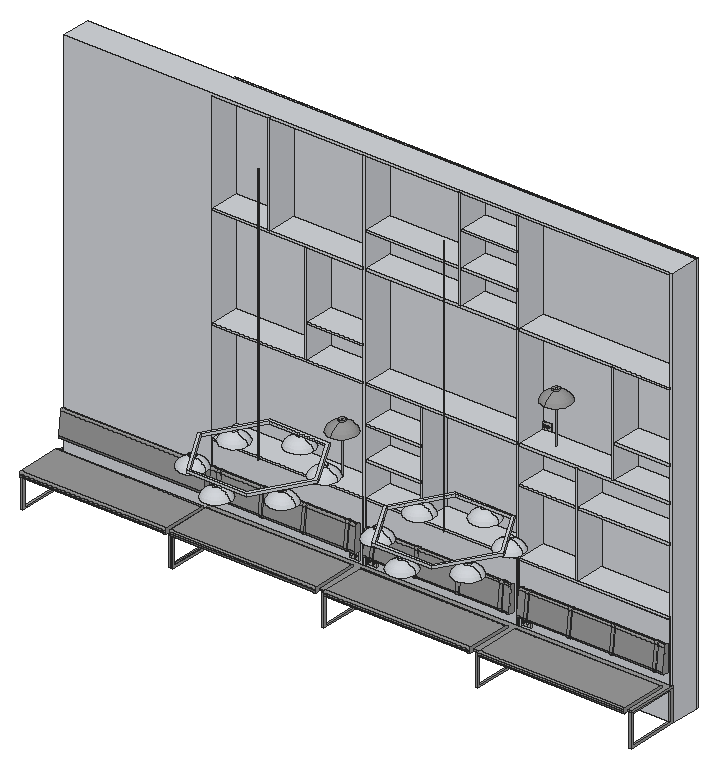
Revit family "Bar Library", category Furniture Systems, Revit 2015
Reference planes
  plane 1 "Center (Front/Back)": y = 0
  plane 2: z = 0
  plane 3 "Center (Left/Right)": x = 0
Forms (mm)
  Extrusion 1, solid
    sketch origin (-2104, 0, 0) x (1, 0, 0) y (0, 0, 1)
      loop
        line (-1400, 4700) -> (-1400, 0) -> (325, 0) -> (325, 4675) -> (5675, 4675) -> (5675, 0) -> (5700, 0) -> (5700, 4700) -> (-1400, 4700)
    from 0 to 350
  Extrusion 2, solid
    sketch origin (-2104, 0, 0) x (1, 0, 0) y (0, 0, 1)
      loop
        line (2091.5, 0) -> (2116.5, 0) -> (2116.5, 4675) -> (2091.5, 4675) -> (2091.5, 0)
      loop
        line (3883.5, 0) -> (3908.5, 0) -> (3908.5, 4675) -> (3883.5, 4675) -> (3883.5, 0)
    from 0 to 350
  Extrusion 3, solid
    sketch origin (-2104, 0, 1150) x (1, 0, 0) y (0, 0, 1)
      loop
        line (325, 1125) -> (2091.5, 1125) -> (2091.5, 1150) -> (325, 1150) -> (325, 1125)
    from 0 to 350
  Extrusion 4, solid
    sketch origin (-2104, 0, 2350) x (1, 0, 0) y (0, 0, 1)
      loop
        line (325, 1125) -> (2091.5, 1125) -> (2091.5, 1150) -> (325, 1150) -> (325, 1125)
    from 0 to 350
  Extrusion 5, solid
    sketch origin (-316.5, 0, 1150) x (1, 0, 0) y (0, 0, 1)
      loop
        line (329, 1125) -> (2096, 1125) -> (2096, 1150) -> (329, 1150) -> (329, 1125)
    from 0 to 350
  Extrusion 6, solid
    sketch origin (-316.5, 0, 2350) x (1, 0, 0) y (0, 0, 1)
      loop
        line (329, 1125) -> (2096, 1125) -> (2096, 1150) -> (329, 1150) -> (329, 1125)
    from 0 to 350
  Extrusion 7, solid
    sketch origin (1483.5, 0, 1150) x (1, 0, 0) y (0, 0, 1)
      loop
        line (321, 1125) -> (2087.5, 1125) -> (2087.5, 1150) -> (321, 1150) -> (321, 1125)
    from 0 to 350
  Extrusion 8, solid
    sketch origin (1483.5, 0, 2350) x (1, 0, 0) y (0, 0, 1)
      loop
        line (321, 1125) -> (2087.5, 1125) -> (2087.5, 1150) -> (321, 1150) -> (321, 1125)
    from 0 to 350
  Extrusion 9, solid
    sketch origin (-2104, 0, 1550) x (1, 0, 0) y (0, 0, 1)
      loop
        line (1432.5, 1125) -> (2091.5, 1125) -> (2091.5, 1150) -> (1432.5, 1150) -> (1432.5, 1125)
    from 0 to 350
  Extrusion 10, solid
    sketch origin (453.5, 0, 1800.745) x (0, 0, 1) y (-1, 0, 0)
      loop
        line (499.255, 1125) -> (1674.255, 1125) -> (1674.255, 1150) -> (499.255, 1150) -> (499.255, 1125)
    from 0 to 350
  Extrusion 11, solid
    sketch origin (-304, 0, 2750) x (1, 0, 0) y (0, 0, 1)
      loop
        line (316.5, 1125) -> (2083.5, 1125) -> (2083.5, 1150) -> (316.5, 1150) -> (316.5, 1125)
    from 0 to 350
  Extrusion 12, solid
    sketch origin (2253.5, 0, 3000.745) x (0, 0, 1) y (-1, 0, 0)
      loop
        line (499.255, 1125) -> (1674.255, 1125) -> (1674.255, 1150) -> (499.255, 1150) -> (499.255, 1125)
    from 0 to 350
  Extrusion 13, solid
    sketch origin (-304, 0, 3150) x (1, 0, 0) y (0, 0, 1)
      loop
        line (1432.5, 1125) -> (2083.5, 1125) -> (2083.5, 1150) -> (1432.5, 1150) -> (1432.5, 1125)
    from 0 to 350
  Extrusion 14, solid
    sketch origin (1483.5, 0, 1550) x (1, 0, 0) y (0, 0, 1)
      loop
        line (1432.5, 1125) -> (2087.5, 1125) -> (2087.5, 1150) -> (1432.5, 1150) -> (1432.5, 1125)
    from 0 to 350
  Extrusion 15, solid
    sketch origin (4041, 0, 1800.745) x (0, 0, 1) y (-1, 0, 0)
      loop
        line (499.255, 1125) -> (1674.255, 1125) -> (1674.255, 1150) -> (499.255, 1150) -> (499.255, 1125)
    from 0 to 350
  Extrusion 16, solid
    sketch origin (2096, 0, 3000) x (-1, 0, 0) y (0, 0, -1)
      loop
        line (1432.5, 1125) -> (2083.5, 1125) -> (2083.5, 1150) -> (1432.5, 1150) -> (1432.5, 1125)
    from 0 to 350
  Extrusion 17, solid
    sketch origin (-461.5, 0, 2749.255) x (0, 0, -1) y (1, 0, 0)
      loop
        line (474.255, 1125) -> (1649.255, 1125) -> (1649.255, 1150) -> (474.255, 1150) -> (474.255, 1125)
    from 0 to 350
  Extrusion 18, solid
    sketch origin (-2249, 0, 5124.255) x (0, 0, -1) y (1, 0, 0)
      loop
        line (449.255, 1125) -> (1624.255, 1125) -> (1624.255, 1150) -> (449.255, 1150) -> (449.255, 1125)
    from 0 to 350
  Extrusion 19, solid
    sketch origin (-1424, 0, 350) x (1, 0, 0) y (0, 0, 1)
      loop
        line (1436.5, 1125) -> (2087.5, 1125) -> (2087.5, 1150) -> (1436.5, 1150) -> (1436.5, 1125)
    from 0 to 350
  Extrusion 20, solid
    sketch origin (1338.5, 0, 2724.255) x (0, 0, -1) y (1, 0, 0)
      loop
        line (449.255, 1125) -> (1624.255, 1125) -> (1624.255, 1150) -> (449.255, 1150) -> (449.255, 1125)
    from 0 to 350
  Extrusion 21, solid
    sketch origin (3896, 0, 3000) x (-1, 0, 0) y (0, 0, -1)
      loop
        line (325, 1125) -> (2091.5, 1125) -> (2091.5, 1150) -> (325, 1150) -> (325, 1125)
    from 0 to 350
  Extrusion 22, solid, material "Leather, Dark Brown"
    sketch origin (-1636, -290.6, 0) x (0, 1, 0) y (0, 0, -1)
      loop
        line (-81.4, -814.172) -> (-91.869, -814.172)
        arc (-91.869, -814.172) -> (-105.252, -809.035) -> (-111.759, -796.263) r 20
        line (-111.759, -796.263) -> (-138.622, -540.679)
        arc (-138.622, -540.679) -> (-134.275, -526.002) -> (-120.823, -518.698) r 20
        line (-120.823, -518.698) -> (-83.491, -514.774)
        arc (-83.491, -514.774) -> (-68.018, -519.802) -> (-61.4, -534.664) r 20
        line (-61.4, -534.664) -> (-59.4, -534.664)
        arc (-59.4, -534.664) -> (-66.679, -518.315) -> (-83.7, -512.785) r 22
        line (-83.7, -512.785) -> (-121.032, -516.709)
        arc (-121.032, -516.709) -> (-135.829, -524.743) -> (-140.611, -540.888) r 22
        line (-140.611, -540.888) -> (-113.748, -796.472)
        arc (-113.748, -796.472) -> (-106.59, -810.521) -> (-91.869, -816.172) r 22
        line (-91.869, -816.172) -> (-81.4, -816.172)
        arc (-81.4, -816.172) -> (-65.844, -809.729) -> (-59.4, -794.172) r 22
        line (-59.4, -794.172) -> (-61.4, -794.172)
        arc (-61.4, -794.172) -> (-67.258, -808.314) -> (-81.4, -814.172) r 20
    from 0 to 36
  Extrusion 23, solid, material "Steelcut trio 325"
    sketch origin (-1959, -288.6, 0) x (0, -1, 0) y (0, 0, -1)
      loop
        line (661.742, -360) -> (661.742, -390) -> (156.561, -390) -> (155.73, -397.909)
        arc (155.73, -397.909) -> (160.758, -413.383) -> (175.621, -420) r 20
        line (175.621, -420) -> (686.742, -420)
        arc (686.742, -420) -> (700.884, -414.142) -> (706.742, -400) r 20
        line (706.742, -400) -> (706.742, -380)
        arc (706.742, -380) -> (700.884, -365.858) -> (686.742, -360) r 20
        line (686.742, -360) -> (661.742, -360)
      loop
        arc (138.622, -540.679) -> (134.275, -526.002) -> (120.823, -518.698) r 20
        line (120.823, -518.698) -> (83.491, -514.774)
        arc (83.491, -514.774) -> (68.018, -519.802) -> (61.4, -534.664) r 20
        line (61.4, -534.664) -> (61.4, -794.172)
        arc (61.4, -794.172) -> (67.258, -808.314) -> (81.4, -814.172) r 20
        line (81.4, -814.172) -> (91.869, -814.172)
        arc (91.869, -814.172) -> (105.252, -809.035) -> (111.759, -796.263) r 20
        line (111.759, -796.263) -> (138.622, -540.679)
    from 205 to 1905
  Extrusion 24, solid, material "Leather, Dark Brown"
    sketch origin (-1136, -290.6, 0) x (0, 1, 0) y (0, 0, -1)
      loop
        line (-81.4, -814.172) -> (-91.869, -814.172)
        arc (-91.869, -814.172) -> (-105.252, -809.035) -> (-111.759, -796.263) r 20
        line (-111.759, -796.263) -> (-138.622, -540.679)
        arc (-138.622, -540.679) -> (-134.275, -526.002) -> (-120.823, -518.698) r 20
        line (-120.823, -518.698) -> (-83.491, -514.774)
        arc (-83.491, -514.774) -> (-68.018, -519.802) -> (-61.4, -534.664) r 20
        line (-61.4, -534.664) -> (-59.4, -534.664)
        arc (-59.4, -534.664) -> (-66.679, -518.315) -> (-83.7, -512.785) r 22
        line (-83.7, -512.785) -> (-121.032, -516.709)
        arc (-121.032, -516.709) -> (-135.829, -524.743) -> (-140.611, -540.888) r 22
        line (-140.611, -540.888) -> (-113.748, -796.472)
        arc (-113.748, -796.472) -> (-106.59, -810.521) -> (-91.869, -816.172) r 22
        line (-91.869, -816.172) -> (-81.4, -816.172)
        arc (-81.4, -816.172) -> (-65.844, -809.729) -> (-59.4, -794.172) r 22
        line (-59.4, -794.172) -> (-61.4, -794.172)
        arc (-61.4, -794.172) -> (-67.258, -808.314) -> (-81.4, -814.172) r 20
    from 0 to 36
  Extrusion 25, solid, material "Leather, Dark Brown"
    sketch origin (-636, -290.6, 0) x (0, 1, 0) y (0, 0, -1)
      loop
        line (-81.4, -814.172) -> (-91.869, -814.172)
        arc (-91.869, -814.172) -> (-105.252, -809.035) -> (-111.759, -796.263) r 20
        line (-111.759, -796.263) -> (-138.622, -540.679)
        arc (-138.622, -540.679) -> (-134.275, -526.002) -> (-120.823, -518.698) r 20
        line (-120.823, -518.698) -> (-83.491, -514.774)
        arc (-83.491, -514.774) -> (-68.018, -519.802) -> (-61.4, -534.664) r 20
        line (-61.4, -534.664) -> (-59.4, -534.664)
        arc (-59.4, -534.664) -> (-66.679, -518.315) -> (-83.7, -512.785) r 22
        line (-83.7, -512.785) -> (-121.032, -516.709)
        arc (-121.032, -516.709) -> (-135.829, -524.743) -> (-140.611, -540.888) r 22
        line (-140.611, -540.888) -> (-113.748, -796.472)
        arc (-113.748, -796.472) -> (-106.59, -810.521) -> (-91.869, -816.172) r 22
        line (-91.869, -816.172) -> (-81.4, -816.172)
        arc (-81.4, -816.172) -> (-65.844, -809.729) -> (-59.4, -794.172) r 22
        line (-59.4, -794.172) -> (-61.4, -794.172)
        arc (-61.4, -794.172) -> (-67.258, -808.314) -> (-81.4, -814.172) r 20
    from 0 to 36
  Extrusion 26, solid, material "Leather, Dark Brown"
    sketch origin (-136, -290.6, 0) x (0, 1, 0) y (0, 0, -1)
      loop
        line (-81.4, -814.172) -> (-91.869, -814.172)
        arc (-91.869, -814.172) -> (-105.252, -809.035) -> (-111.759, -796.263) r 20
        line (-111.759, -796.263) -> (-138.622, -540.679)
        arc (-138.622, -540.679) -> (-134.275, -526.002) -> (-120.823, -518.698) r 20
        line (-120.823, -518.698) -> (-83.491, -514.774)
        arc (-83.491, -514.774) -> (-68.018, -519.802) -> (-61.4, -534.664) r 20
        line (-61.4, -534.664) -> (-59.4, -534.664)
        arc (-59.4, -534.664) -> (-66.679, -518.315) -> (-83.7, -512.785) r 22
        line (-83.7, -512.785) -> (-121.032, -516.709)
        arc (-121.032, -516.709) -> (-135.829, -524.743) -> (-140.611, -540.888) r 22
        line (-140.611, -540.888) -> (-113.748, -796.472)
        arc (-113.748, -796.472) -> (-106.59, -810.521) -> (-91.869, -816.172) r 22
        line (-91.869, -816.172) -> (-81.4, -816.172)
        arc (-81.4, -816.172) -> (-65.844, -809.729) -> (-59.4, -794.172) r 22
        line (-59.4, -794.172) -> (-61.4, -794.172)
        arc (-61.4, -794.172) -> (-67.258, -808.314) -> (-81.4, -814.172) r 20
    from 0 to 36
  Extrusion 27, solid, material "Leather, Dark Brown"
    sketch origin (164, -290.6, 0) x (0, 1, 0) y (0, 0, -1)
      loop
        line (-81.4, -814.172) -> (-91.869, -814.172)
        arc (-91.869, -814.172) -> (-105.252, -809.035) -> (-111.759, -796.263) r 20
        line (-111.759, -796.263) -> (-138.622, -540.679)
        arc (-138.622, -540.679) -> (-134.275, -526.002) -> (-120.823, -518.698) r 20
        line (-120.823, -518.698) -> (-83.491, -514.774)
        arc (-83.491, -514.774) -> (-68.018, -519.802) -> (-61.4, -534.664) r 20
        line (-61.4, -534.664) -> (-59.4, -534.664)
        arc (-59.4, -534.664) -> (-66.679, -518.315) -> (-83.7, -512.785) r 22
        line (-83.7, -512.785) -> (-121.032, -516.709)
        arc (-121.032, -516.709) -> (-135.829, -524.743) -> (-140.611, -540.888) r 22
        line (-140.611, -540.888) -> (-113.748, -796.472)
        arc (-113.748, -796.472) -> (-106.59, -810.521) -> (-91.869, -816.172) r 22
        line (-91.869, -816.172) -> (-81.4, -816.172)
        arc (-81.4, -816.172) -> (-65.844, -809.729) -> (-59.4, -794.172) r 22
        line (-59.4, -794.172) -> (-61.4, -794.172)
        arc (-61.4, -794.172) -> (-67.258, -808.314) -> (-81.4, -814.172) r 20
    from 0 to 36
  Extrusion 28, solid, material "Steelcut trio 325"
    sketch origin (-159, -288.6, 0) x (0, -1, 0) y (0, 0, -1)
      loop
        line (661.742, -360) -> (661.742, -390) -> (156.561, -390) -> (155.73, -397.909)
        arc (155.73, -397.909) -> (160.758, -413.383) -> (175.621, -420) r 20
        line (175.621, -420) -> (686.742, -420)
        arc (686.742, -420) -> (700.884, -414.142) -> (706.742, -400) r 20
        line (706.742, -400) -> (706.742, -380)
        arc (706.742, -380) -> (700.884, -365.858) -> (686.742, -360) r 20
        line (686.742, -360) -> (661.742, -360)
      loop
        arc (138.622, -540.679) -> (134.275, -526.002) -> (120.823, -518.698) r 20
        line (120.823, -518.698) -> (83.491, -514.774)
        arc (83.491, -514.774) -> (68.018, -519.802) -> (61.4, -534.664) r 20
        line (61.4, -534.664) -> (61.4, -794.172)
        arc (61.4, -794.172) -> (67.258, -808.314) -> (81.4, -814.172) r 20
        line (81.4, -814.172) -> (91.869, -814.172)
        arc (91.869, -814.172) -> (105.252, -809.035) -> (111.759, -796.263) r 20
        line (111.759, -796.263) -> (138.622, -540.679)
    from 205 to 1905
  Extrusion 29, solid, material "Leather, Dark Brown"
    sketch origin (664, -290.6, 0) x (0, 1, 0) y (0, 0, -1)
      loop
        line (-81.4, -814.172) -> (-91.869, -814.172)
        arc (-91.869, -814.172) -> (-105.252, -809.035) -> (-111.759, -796.263) r 20
        line (-111.759, -796.263) -> (-138.622, -540.679)
        arc (-138.622, -540.679) -> (-134.275, -526.002) -> (-120.823, -518.698) r 20
        line (-120.823, -518.698) -> (-83.491, -514.774)
        arc (-83.491, -514.774) -> (-68.018, -519.802) -> (-61.4, -534.664) r 20
        line (-61.4, -534.664) -> (-59.4, -534.664)
        arc (-59.4, -534.664) -> (-66.679, -518.315) -> (-83.7, -512.785) r 22
        line (-83.7, -512.785) -> (-121.032, -516.709)
        arc (-121.032, -516.709) -> (-135.829, -524.743) -> (-140.611, -540.888) r 22
        line (-140.611, -540.888) -> (-113.748, -796.472)
        arc (-113.748, -796.472) -> (-106.59, -810.521) -> (-91.869, -816.172) r 22
        line (-91.869, -816.172) -> (-81.4, -816.172)
        arc (-81.4, -816.172) -> (-65.844, -809.729) -> (-59.4, -794.172) r 22
        line (-59.4, -794.172) -> (-61.4, -794.172)
        arc (-61.4, -794.172) -> (-67.258, -808.314) -> (-81.4, -814.172) r 20
    from 0 to 36
  Extrusion 30, solid, material "Leather, Dark Brown"
    sketch origin (1164, -290.6, 0) x (0, 1, 0) y (0, 0, -1)
      loop
        line (-81.4, -814.172) -> (-91.869, -814.172)
        arc (-91.869, -814.172) -> (-105.252, -809.035) -> (-111.759, -796.263) r 20
        line (-111.759, -796.263) -> (-138.622, -540.679)
        arc (-138.622, -540.679) -> (-134.275, -526.002) -> (-120.823, -518.698) r 20
        line (-120.823, -518.698) -> (-83.491, -514.774)
        arc (-83.491, -514.774) -> (-68.018, -519.802) -> (-61.4, -534.664) r 20
        line (-61.4, -534.664) -> (-59.4, -534.664)
        arc (-59.4, -534.664) -> (-66.679, -518.315) -> (-83.7, -512.785) r 22
        line (-83.7, -512.785) -> (-121.032, -516.709)
        arc (-121.032, -516.709) -> (-135.829, -524.743) -> (-140.611, -540.888) r 22
        line (-140.611, -540.888) -> (-113.748, -796.472)
        arc (-113.748, -796.472) -> (-106.59, -810.521) -> (-91.869, -816.172) r 22
        line (-91.869, -816.172) -> (-81.4, -816.172)
        arc (-81.4, -816.172) -> (-65.844, -809.729) -> (-59.4, -794.172) r 22
        line (-59.4, -794.172) -> (-61.4, -794.172)
        arc (-61.4, -794.172) -> (-67.258, -808.314) -> (-81.4, -814.172) r 20
    from 0 to 36
  Extrusion 31, solid, material "Leather, Dark Brown"
    sketch origin (1664, -290.6, 0) x (0, 1, 0) y (0, 0, -1)
      loop
        line (-81.4, -814.172) -> (-91.869, -814.172)
        arc (-91.869, -814.172) -> (-105.252, -809.035) -> (-111.759, -796.263) r 20
        line (-111.759, -796.263) -> (-138.622, -540.679)
        arc (-138.622, -540.679) -> (-134.275, -526.002) -> (-120.823, -518.698) r 20
        line (-120.823, -518.698) -> (-83.491, -514.774)
        arc (-83.491, -514.774) -> (-68.018, -519.802) -> (-61.4, -534.664) r 20
        line (-61.4, -534.664) -> (-59.4, -534.664)
        arc (-59.4, -534.664) -> (-66.679, -518.315) -> (-83.7, -512.785) r 22
        line (-83.7, -512.785) -> (-121.032, -516.709)
        arc (-121.032, -516.709) -> (-135.829, -524.743) -> (-140.611, -540.888) r 22
        line (-140.611, -540.888) -> (-113.748, -796.472)
        arc (-113.748, -796.472) -> (-106.59, -810.521) -> (-91.869, -816.172) r 22
        line (-91.869, -816.172) -> (-81.4, -816.172)
        arc (-81.4, -816.172) -> (-65.844, -809.729) -> (-59.4, -794.172) r 22
        line (-59.4, -794.172) -> (-61.4, -794.172)
        arc (-61.4, -794.172) -> (-67.258, -808.314) -> (-81.4, -814.172) r 20
    from 0 to 36
  Extrusion 32, solid, material "Leather, Dark Brown"
    sketch origin (3428, -290.6, 0) x (0, 1, 0) y (0, 0, 1)
      loop
        arc (-81.4, 814.172) -> (-67.258, 808.314) -> (-61.4, 794.172) r 20
        line (-61.4, 794.172) -> (-59.4, 794.172)
        arc (-59.4, 794.172) -> (-65.844, 809.729) -> (-81.4, 816.172) r 22
        line (-81.4, 816.172) -> (-91.869, 816.172)
        arc (-91.869, 816.172) -> (-106.59, 810.521) -> (-113.748, 796.472) r 22
        line (-113.748, 796.472) -> (-140.611, 540.888)
        arc (-140.611, 540.888) -> (-135.829, 524.743) -> (-121.032, 516.709) r 22
        line (-121.032, 516.709) -> (-83.7, 512.785)
        arc (-83.7, 512.785) -> (-66.679, 518.315) -> (-59.4, 534.664) r 22
        line (-59.4, 534.664) -> (-61.4, 534.664)
        arc (-61.4, 534.664) -> (-68.018, 519.802) -> (-83.491, 514.774) r 20
        line (-83.491, 514.774) -> (-120.823, 518.698)
        arc (-120.823, 518.698) -> (-134.275, 526.002) -> (-138.622, 540.679) r 20
        line (-138.622, 540.679) -> (-111.759, 796.263)
        arc (-111.759, 796.263) -> (-105.252, 809.035) -> (-91.869, 814.172) r 20
        line (-91.869, 814.172) -> (-81.4, 814.172)
    from 0 to 36
  Extrusion 33, solid, material "Steelcut trio 325"
    sketch origin (3751, -288.6, 0) x (0, -1, 0) y (0, 0, 1)
      loop
        line (661.742, 360) -> (686.742, 360)
        arc (686.742, 360) -> (700.884, 365.858) -> (706.742, 380) r 20
        line (706.742, 380) -> (706.742, 400)
        arc (706.742, 400) -> (700.884, 414.142) -> (686.742, 420) r 20
        line (686.742, 420) -> (175.621, 420)
        arc (175.621, 420) -> (160.758, 413.383) -> (155.73, 397.909) r 20
        line (155.73, 397.909) -> (156.561, 390) -> (661.742, 390) -> (661.742, 360)
      loop
        line (138.622, 540.679) -> (111.759, 796.263)
        arc (111.759, 796.263) -> (105.252, 809.035) -> (91.869, 814.172) r 20
        line (91.869, 814.172) -> (81.4, 814.172)
        arc (81.4, 814.172) -> (67.258, 808.314) -> (61.4, 794.172) r 20
        line (61.4, 794.172) -> (61.4, 534.664)
        arc (61.4, 534.664) -> (68.018, 519.802) -> (83.491, 514.774) r 20
        line (83.491, 514.774) -> (120.823, 518.698)
        arc (120.823, 518.698) -> (134.275, 526.002) -> (138.622, 540.679) r 20
    from 205 to 1905
  Extrusion 34, solid, material "Leather, Dark Brown"
    sketch origin (2928, -290.6, 0) x (0, 1, 0) y (0, 0, 1)
      loop
        arc (-81.4, 814.172) -> (-67.258, 808.314) -> (-61.4, 794.172) r 20
        line (-61.4, 794.172) -> (-59.4, 794.172)
        arc (-59.4, 794.172) -> (-65.844, 809.729) -> (-81.4, 816.172) r 22
        line (-81.4, 816.172) -> (-91.869, 816.172)
        arc (-91.869, 816.172) -> (-106.59, 810.521) -> (-113.748, 796.472) r 22
        line (-113.748, 796.472) -> (-140.611, 540.888)
        arc (-140.611, 540.888) -> (-135.829, 524.743) -> (-121.032, 516.709) r 22
        line (-121.032, 516.709) -> (-83.7, 512.785)
        arc (-83.7, 512.785) -> (-66.679, 518.315) -> (-59.4, 534.664) r 22
        line (-59.4, 534.664) -> (-61.4, 534.664)
        arc (-61.4, 534.664) -> (-68.018, 519.802) -> (-83.491, 514.774) r 20
        line (-83.491, 514.774) -> (-120.823, 518.698)
        arc (-120.823, 518.698) -> (-134.275, 526.002) -> (-138.622, 540.679) r 20
        line (-138.622, 540.679) -> (-111.759, 796.263)
        arc (-111.759, 796.263) -> (-105.252, 809.035) -> (-91.869, 814.172) r 20
        line (-91.869, 814.172) -> (-81.4, 814.172)
    from 0 to 36
  Extrusion 35, solid, material "Leather, Dark Brown"
    sketch origin (2428, -290.6, 0) x (0, 1, 0) y (0, 0, 1)
      loop
        arc (-81.4, 814.172) -> (-67.258, 808.314) -> (-61.4, 794.172) r 20
        line (-61.4, 794.172) -> (-59.4, 794.172)
        arc (-59.4, 794.172) -> (-65.844, 809.729) -> (-81.4, 816.172) r 22
        line (-81.4, 816.172) -> (-91.869, 816.172)
        arc (-91.869, 816.172) -> (-106.59, 810.521) -> (-113.748, 796.472) r 22
        line (-113.748, 796.472) -> (-140.611, 540.888)
        arc (-140.611, 540.888) -> (-135.829, 524.743) -> (-121.032, 516.709) r 22
        line (-121.032, 516.709) -> (-83.7, 512.785)
        arc (-83.7, 512.785) -> (-66.679, 518.315) -> (-59.4, 534.664) r 22
        line (-59.4, 534.664) -> (-61.4, 534.664)
        arc (-61.4, 534.664) -> (-68.018, 519.802) -> (-83.491, 514.774) r 20
        line (-83.491, 514.774) -> (-120.823, 518.698)
        arc (-120.823, 518.698) -> (-134.275, 526.002) -> (-138.622, 540.679) r 20
        line (-138.622, 540.679) -> (-111.759, 796.263)
        arc (-111.759, 796.263) -> (-105.252, 809.035) -> (-91.869, 814.172) r 20
        line (-91.869, 814.172) -> (-81.4, 814.172)
    from 0 to 36
  Extrusion 36, solid, material "Leather, Dark Brown"
    sketch origin (1928, -290.6, 0) x (0, 1, 0) y (0, 0, 1)
      loop
        arc (-81.4, 814.172) -> (-67.258, 808.314) -> (-61.4, 794.172) r 20
        line (-61.4, 794.172) -> (-59.4, 794.172)
        arc (-59.4, 794.172) -> (-65.844, 809.729) -> (-81.4, 816.172) r 22
        line (-81.4, 816.172) -> (-91.869, 816.172)
        arc (-91.869, 816.172) -> (-106.59, 810.521) -> (-113.748, 796.472) r 22
        line (-113.748, 796.472) -> (-140.611, 540.888)
        arc (-140.611, 540.888) -> (-135.829, 524.743) -> (-121.032, 516.709) r 22
        line (-121.032, 516.709) -> (-83.7, 512.785)
        arc (-83.7, 512.785) -> (-66.679, 518.315) -> (-59.4, 534.664) r 22
        line (-59.4, 534.664) -> (-61.4, 534.664)
        arc (-61.4, 534.664) -> (-68.018, 519.802) -> (-83.491, 514.774) r 20
        line (-83.491, 514.774) -> (-120.823, 518.698)
        arc (-120.823, 518.698) -> (-134.275, 526.002) -> (-138.622, 540.679) r 20
        line (-138.622, 540.679) -> (-111.759, 796.263)
        arc (-111.759, 796.263) -> (-105.252, 809.035) -> (-91.869, 814.172) r 20
        line (-91.869, 814.172) -> (-81.4, 814.172)
    from 0 to 36
  Extrusion 37, solid
    sketch origin (-2104, 0, -50) x (1, 0, 0) y (0, 0, 1)
      loop
        line (325, 1125) -> (2091.5, 1125) -> (2091.5, 1150) -> (325, 1150) -> (325, 1125)
    from 0 to 350
  Extrusion 38, solid
    sketch origin (-316.5, 0, -50) x (1, 0, 0) y (0, 0, 1)
      loop
        line (329, 1125) -> (2096, 1125) -> (2096, 1150) -> (329, 1150) -> (329, 1125)
    from 0 to 350
  Extrusion 39, solid
    sketch origin (1483.5, 0, -50) x (1, 0, 0) y (0, 0, 1)
      loop
        line (321, 1125) -> (2087.5, 1125) -> (2087.5, 1150) -> (321, 1150) -> (321, 1125)
    from 0 to 350
  Extrusion 40, solid, material "Ash(1)"
    sketch origin (1938, -950, 240) x (0, 0, 1) y (1, 0, 0)
      loop
        line (150, 1658) -> (132, 1658) -> (132, -3742) -> (150, -3742) -> (150, 1658)
    from 0 to 600
  Extrusion 41, solid, material "UHMW, Black"
    sketch origin (3578, -888.6, 0) x (0, -1, 0) y (0, 0, -1)
      loop
        line (61.4, -372) -> (61.4, 0) -> (-538.6, 0) -> (-538.6, -372) -> (61.4, -372)
      loop
        line (43.4, -354) -> (43.4, -18) -> (-520.6, -18) -> (-520.6, -354) -> (43.4, -354)
    from -7 to 18
  Extrusion 42, solid
    sketch origin (3571, -888.6, 0) x (0, 1, 0) y (0, 0, -1)
      loop
        line (538.6, -1075) -> (558.6, -1075) -> (558.6, 0) -> (538.6, 0) -> (538.6, -1075)
    from 0 to 1766.5
  Extrusion 43, solid
    sketch origin (1778, -888.6, 0) x (0, 1, 0) y (0, 0, -1)
      loop
        line (538.6, -1075) -> (558.6, -1075) -> (558.6, 0) -> (538.6, 0) -> (538.6, -1075)
    from -1.5 to 1765.5
  Extrusion 44, solid
    sketch origin (-9.5, -888.6, 0) x (0, 1, 0) y (0, 0, -1)
      loop
        line (538.6, -1075) -> (558.6, -1075) -> (558.6, 0) -> (538.6, 0) -> (538.6, -1075)
    from 3 to 1769.5
  Extrusion 45, solid, material "UHMW, Black"
    sketch origin (1779.5, -888.6, 0) x (0, -1, 0) y (0, 0, -1)
      loop
        line (61.4, -372) -> (61.4, 0) -> (-538.6, 0) -> (-538.6, -372) -> (61.4, -372)
      loop
        line (43.4, -354) -> (43.4, -18) -> (-520.6, -18) -> (-520.6, -354) -> (43.4, -354)
    from 0 to 25
  Extrusion 46, solid, material "UHMW, Black"
    sketch origin (-12.5, -888.6, 0) x (0, -1, 0) y (0, 0, -1)
      loop
        line (61.4, -372) -> (61.4, 0) -> (-538.6, 0) -> (-538.6, -372) -> (61.4, -372)
      loop
        line (43.4, -354) -> (43.4, -18) -> (-520.6, -18) -> (-520.6, -354) -> (43.4, -354)
    from 0 to 25
  Extrusion 47, solid, material "UHMW, Black"
    sketch origin (-1804, -888.6, 0) x (0, -1, 0) y (0, 0, -1)
      loop
        line (61.4, -372) -> (61.4, 0) -> (-538.6, 0) -> (-538.6, -372) -> (61.4, -372)
      loop
        line (43.4, -354) -> (43.4, -18) -> (-520.6, -18) -> (-520.6, -354) -> (43.4, -354)
    from 0 to 25
  Extrusion 48, solid
    sketch origin (-2104, 0, 0) x (1, 0, 0) y (0, 1, 0)
      loop
        line (300, 0) -> (5700, 0) -> (5700, 20) -> (300, 20) -> (300, 0)
    from 0 to 4700
  Extrusion 49, solid, material "Steelcut trio 325"
    sketch origin (-1599, -288.6, 0) x (0, -1, 0) y (0, 0, 1)
      loop
        line (661.742, 360) -> (686.742, 360)
        arc (686.742, 360) -> (700.884, 365.858) -> (706.742, 380) r 20
        line (706.742, 380) -> (706.742, 400)
        arc (706.742, 400) -> (700.884, 414.142) -> (686.742, 420) r 20
        line (686.742, 420) -> (175.621, 420)
        arc (175.621, 420) -> (160.758, 413.383) -> (155.73, 397.909) r 20
        line (155.73, 397.909) -> (156.561, 390) -> (661.742, 390) -> (661.742, 360)
      loop
        line (138.622, 540.679) -> (111.759, 796.263)
        arc (111.759, 796.263) -> (105.252, 809.035) -> (91.869, 814.172) r 20
        line (91.869, 814.172) -> (81.4, 814.172)
        arc (81.4, 814.172) -> (67.258, 808.314) -> (61.4, 794.172) r 20
        line (61.4, 794.172) -> (61.4, 534.664)
        arc (61.4, 534.664) -> (68.018, 519.802) -> (83.491, 514.774) r 20
        line (83.491, 514.774) -> (120.823, 518.698)
        arc (120.823, 518.698) -> (134.275, 526.002) -> (138.622, 540.679) r 20
    from 205 to 1905
  Extrusion 50, solid, material "UHMW, Black"
    sketch origin (-1772, -888.6, 0) x (0, -1, 0) y (0, 0, -1)
      loop
        line (61.4, -372) -> (61.4, 0) -> (-538.6, 0) -> (-538.6, -372) -> (61.4, -372)
      loop
        line (43.4, -354) -> (43.4, -18) -> (-520.6, -18) -> (-520.6, -354) -> (43.4, -354)
    from -7 to 18
  Extrusion 51, solid, material "UHMW, Black"
    sketch origin (-3538.034, -865.159, -16.52) x (0, -1, 0) y (0, 0, -1)
      loop
        line (61.4, -372) -> (61.4, 0) -> (-538.6, 0) -> (-538.6, -372) -> (61.4, -372)
      loop
        line (43.4, -354) -> (43.4, -18) -> (-520.6, -18) -> (-520.6, -354) -> (43.4, -354)
    from -7 to 18
Dimensions and locks
  Extrusion 23 sketch curve to Extrusion 23 sketch curve = 550.18 mm
  Extrusion 28 sketch curve to Extrusion 28 sketch curve = 550.18 mm
  Extrusion 33 sketch curve to Extrusion 33 sketch curve = 550.18 mm
  Extrusion 41 to level = 372 mm
  Extrusion 19 to level = 1500 mm
  level to Extrusion 19 = 1475 mm
  Extrusion 1 to Extrusion 41 = 600 mm
  Extrusion 49 sketch curve to Extrusion 49 sketch curve = 550.18 mm
  aligned and locked: level to plane 2
  aligned and locked: Extrusion 11 to Extrusion 2  (x2)
  aligned and locked: Extrusion 6 to Extrusion 2  (x2)
  aligned and locked: Extrusion 4 to Extrusion 2
  aligned and locked: Extrusion 9 to Extrusion 2
  aligned and locked: Extrusion 3 to Extrusion 2
  aligned and locked: Extrusion 5 to Extrusion 2  (x2)
  aligned and locked: Extrusion 16 to Extrusion 2
  aligned and locked: Extrusion 19 to Extrusion 2
  aligned and locked: Extrusion 37 to Extrusion 2
  aligned and locked: Extrusion 38 to Extrusion 2  (x2)
  aligned and locked: Extrusion 44 to Extrusion 2
  aligned and locked: Extrusion 43 to Extrusion 2  (x2)
  aligned and locked: Extrusion 13 to Extrusion 2
Nested families
  nested 1: "Sempre Table Lamp" at (2102.167, -177.532, 0) x (0, 1, 0) z (0, 0, 1), type "Sempre Table Lamp"
    with ok gulv eller bord 2300 mm, høyde ok lampe 2900 mm
  nested 2: "Sempre Table Lamp" at (-397.833, -177.532, 0) x (0, 1, 0) z (0, 0, 1), type "Sempre Table Lamp"
    with ok gulv eller bord 1100 mm, høyde ok lampe 1700 mm
  nested 3: "Power Outlet" at (-161, -350, 420), type "Power Outlet"
  nested 4: "Power Outlet" at (46, -350, 420), type "Power Outlet"
  nested 5: "Power Outlet" at (1846, -350, 420), type "Power Outlet"
  nested 6: "Power Outlet" at (-119.5, 0, 1100), type "Power Outlet"
  nested 7: "Power Outlet" at (1804.5, 0, 2300), type "Power Outlet"
  nested 8: "Power Outlet" at (-803.5, 0, 2300), type "Power Outlet"
  nested 9: "Power Outlet" at (-119.5, 0, 3500), type "Power Outlet"
  nested 10: "Power Outlet" at (1672.5, 0, 1100), type "Power Outlet"
  nested 11: "Sempre 6" at (-192.5, -1655.341, 0), type "Sempre 6"
    with uk himling 5039.665 mm, høyde uk lampe 2000 mm
  nested 12: "Sempre 6" at (1971, -1655.341, 0), type "Sempre 6"
    with uk himling 5039.665 mm, høyde uk lampe 2000 mm
Definition of nested family "Sempre Table Lamp"
  Parameters (values of type "sempre_bordlampe")
    ok gulv eller bord [instance] = 219.665 mm
    høyde ok lampe [instance] = 2000 mm
  Reference planes
    plane 1 "Center (Front/Back)": y = 0
    plane 2: z = 0
    plane 3 "Center (Left/Right)": x = 0
  Forms (mm)
    Extrusion 1, solid
      sketch origin (0, 0, 0) x (1, 0, 0) y (0, 1, 0)
        loop
          circle (0, 0) r 2.532
      from 2000 to 219.665
    Revolve 2, solid
      sketch origin (0, 0, 0) x (1, 0, 0) y (0, 0, 1)
        loop
          line (0, 2000) -> (0, 1876.5) -> (162.035, 1876.5)
          spline (162.035, 1876.5) -> (156.423, 1889.934) -> (149.636, 1902.539) -> (141.673, 1914.314) -> (132.535, 1925.26) -> (122.222, 1935.377) -> (110.734, 1944.664) -> (98.07, 1953.122) -> (84.231, 1960.75) -> (69.216, 1967.549) -> (53.027, 1973.518) -> (35.661, 1978.658) -> (17.121, 1982.969)
          line (17.121, 1982.969) -> (17.121, 1988.957) -> (37.532, 1994.426) -> (37.532, 2000) -> (0, 2000)
        axis (0, 2000) -> (0, 1876.5)
      angle from 0 to 360
  Lines and regions (mm)
    reference lines
      curve 1: line (-632.448, 0, 2000) -> (1047.552, 0, 2000)
      curve 2: line (-560.894, 0, 219.665) -> (789.27, 0, 219.665)
  Dimensions and locks
    "høyde ok lampe": curve 1 to level
    "ok gulv eller bord": curve 2 to level
    locked: curve 1 to Revolve 2 sketch curve at 123.5
    Revolve 2 sketch curve to plane 3 "Center (Left/Right)" = 162.035 mm
    aligned and locked: level to plane 2
    aligned and locked: Extrusion 1 to curve 2
    aligned and locked: curve 1 to Extrusion 1
  Automatic sketch dimensions
    plane 1 "Center (Front/Back)" to Extrusion 1 sketch curve = 0 mm
    Extrusion 1 sketch curve to plane 3 "Center (Left/Right)" = 0 mm
    Revolve 2 sketch curve to plane 3 "Center (Left/Right)" = 0 mm
    plane 3 "Center (Left/Right)" to Revolve 2 sketch curve = 17.121 mm
    Revolve 2 sketch curve to Revolve 2 sketch curve = 20.411 mm
    Revolve 2 sketch curve to Revolve 2 sketch curve = 106.469 mm
    Revolve 2 sketch curve to Revolve 2 sketch curve = 5.988 mm
    Revolve 2 sketch curve to Revolve 2 sketch curve = 5.469 mm
    Revolve 2 sketch curve to Revolve 2 sketch curve = 5.574 mm
    curve 1 to plane 3 "Center (Left/Right)" = 632.448 mm
    curve 2 to plane 3 "Center (Left/Right)" = 560.894 mm
    plane 3 "Center (Left/Right)" to curve 2 = 789.27 mm
    plane 3 "Center (Left/Right)" to curve 1 = 1047.552 mm
    radius of Extrusion 1 sketch curve = 2.532 mm
Definition of nested family "Power Outlet"
  Reference planes
    plane 1 "Center (Front/Back)": y = 0
    plane 2: z = 0
    plane 3 "Center (Left/Right)": x = 0
  Forms (mm)
    Extrusion 1, solid
      sketch origin (0, 0, 0) x (1, 0, 0) y (0, 0, 1)
        loop
          line (0, 0) -> (107, 0) -> (107, 86) -> (0, 86) -> (0, 0)
      from 0 to 11
    Extrusion 2, solid
      sketch origin (0, 0, -23.504) x (1, 0, 0) y (0, 0, 1)
        loop
          line (0, 33.007) -> (107, 33.007) -> (107, 100) -> (0, 100) -> (0, 33.007)
      from 0 to -31
    Extrusion 3, void
      sketch origin (0, 0, 0) x (1, 0, 0) y (0, 0, 1)
        loop
          circle (30, 43) r 20
      from 0 to 18.121
    Extrusion 4, void
      sketch origin (107, 0, 0) x (-1, 0, 0) y (0, 0, -1)
        loop
          circle (30, -43) r 20
      from 0 to 18.121
  Cuts and joins
    Extrusion 3, Extrusion 4 cuts Extrusion 1
    Extrusion 3, Extrusion 4 cuts Extrusion 2
  Dimensions and locks
    aligned and locked: level to plane 2
Definition of nested family "Sempre 6"
  Parameters (values of type "Sempre 6")
    uk himling [instance] = 5039.665 mm
    høyde uk lampe [instance] = 2000 mm
  Reference planes
    plane 1 "Center (Front/Back)": y = 0
    plane 2: z = 0
    plane 3 "Center (Left/Right)": x = 0
  Forms (mm)
    Extrusion 1, solid
      sketch origin (0, 0, 0) x (1, 0, 0) y (0, 1, 0)
        loop
          circle (0, 0) r 2.532
      from 2000 to 5039.665
    Extrusion 2, solid
      sketch origin (0, 0, 0) x (1, 0, 0) y (0, 1, 0)
        loop
          line (-702.532, 0) -> (-352.532, -606.218) -> (347.468, -606.218) -> (697.468, 0) -> (347.468, 606.218) -> (-352.532, 606.218) -> (-702.532, 0)
        loop
          line (330.147, 576.218) -> (-335.212, 576.218) -> (-667.891, 0) -> (-335.212, -576.218) -> (330.147, -576.218) -> (662.827, 0) -> (330.147, 576.218)
      from 2000 to 2030
  Lines and regions (mm)
    reference lines
      curve 1: line (-1362.448, 0, 2000) -> (1047.552, 0, 2000)
      curve 2: line (-560.894, 0, 5039.665) -> (789.27, 0, 5039.665)
  Dimensions and locks
    "høyde uk lampe": curve 1 to level
    "uk himling": curve 2 to level
    locked: Extrusion 2 to Extrusion 2 at 30
    aligned and locked: level to plane 2
    aligned and locked: Extrusion 1 to curve 2
    aligned and locked: curve 1 to Extrusion 1
    aligned and locked: Extrusion 2 to curve 1
    aligned and locked: nested 1 to curve 1
    aligned and locked: nested 2 to curve 1
    aligned and locked: nested 3 to curve 1
    aligned and locked: nested 4 to curve 1
    aligned and locked: nested 5 to curve 1
    aligned and locked: nested 6 to curve 1
  Automatic sketch dimensions
    plane 1 "Center (Front/Back)" to Extrusion 1 sketch curve = 0 mm
    Extrusion 1 sketch curve to plane 3 "Center (Left/Right)" = 0 mm
    plane 1 "Center (Front/Back)" to Extrusion 2 sketch curve = 0 mm  (x4)
    Extrusion 2 sketch curve to plane 3 "Center (Left/Right)" = 702.532 mm
    Extrusion 2 sketch curve to Extrusion 2 sketch curve = 34.641 mm  (x2)
    Extrusion 2 sketch curve to plane 3 "Center (Left/Right)" = 352.532 mm  (x2)
    Extrusion 2 sketch curve to Extrusion 2 sketch curve = 17.321 mm  (x4)
    plane 3 "Center (Left/Right)" to Extrusion 2 sketch curve = 330.147 mm  (x2)
    plane 3 "Center (Left/Right)" to Extrusion 2 sketch curve = 662.827 mm
    plane 1 "Center (Front/Back)" to Extrusion 2 sketch curve = 576.218 mm
    Extrusion 2 sketch curve to Extrusion 2 sketch curve = 30 mm  (x2)
    Extrusion 2 sketch curve to plane 1 "Center (Front/Back)" = 576.218 mm
    curve 1 to plane 3 "Center (Left/Right)" = 1362.448 mm
    curve 2 to plane 3 "Center (Left/Right)" = 560.894 mm
    plane 3 "Center (Left/Right)" to curve 2 = 789.27 mm
    plane 3 "Center (Left/Right)" to curve 1 = 1047.552 mm
    radius of Extrusion 1 sketch curve = 2.532 mm
  Nested families
    nested 1: "Sempre Screen" at (-527.532, -303.109, 0), type "Sempre Screen"
    nested 2: "Sempre Screen" at (-527.532, 303.109, 0), type "Sempre Screen"
    nested 3: "Sempre Screen" at (-2.532, 606.218, 0), type "Sempre Screen"
    nested 4: "Sempre Screen" at (522.468, 303.109, 0), type "Sempre Screen"
    nested 5: "Sempre Screen" at (522.468, -303.109, 0), type "Sempre Screen"
    nested 6: "Sempre Screen" at (-2.532, -606.218, 0), type "Sempre Screen"
  Definition of nested family "Sempre Screen"
    Reference planes
      plane 1 "Center (Front/Back)": y = 0
      plane 2: z = 0
      plane 3 "Center (Left/Right)": x = 0
    Forms (mm)
      Revolve 1, solid
        sketch origin (0, 0, 0) x (1, 0, 0) y (0, 0, 1)
          loop
            line (0, 2000) -> (0, 1876.5) -> (162.035, 1876.5)
            spline (162.035, 1876.5) -> (156.423, 1889.934) -> (149.636, 1902.539) -> (141.673, 1914.314) -> (132.535, 1925.26) -> (122.222, 1935.377) -> (110.734, 1944.664) -> (98.07, 1953.122) -> (84.231, 1960.75) -> (69.216, 1967.549) -> (53.027, 1973.518) -> (35.661, 1978.658) -> (17.121, 1982.969)
            line (17.121, 1982.969) -> (17.121, 1988.957) -> (37.532, 1994.426) -> (37.532, 2000) -> (0, 2000)
          axis (0, 2000) -> (0, 1876.5)
        angle from 0 to 360
    Dimensions and locks
      aligned and locked: level to plane 2
